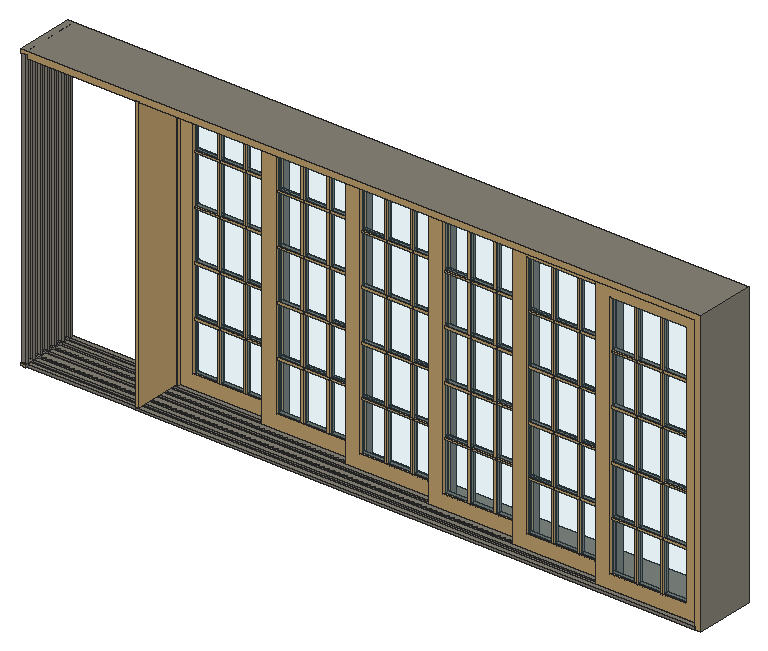
Revit family
Parameters (values of type "CMMSDP18080_PXXXXXX/XXXXXXP")
  W1 = if(Panels = 1, Nominal Width + 0' 0 59/64", if(Panels = 2, Nominal Width - 0' 4 3/4", if(Panels = 3, Nominal Width - 0' 10 27/64", if(Panels = 4, Nominal Width - 1' 4 3/32", if(Panels = 5, Nominal Width - 1' 9 49/64", Nominal Width - 2' 3 7/16")))))  # 15' - 8 9/16"
  V6a = if(Panels > 5, 0' 1 13/16", 0' 0")  # 0' - 1 13/16"
  V5a = if(Panels > 4, 0' 1 13/16", 0' 0")  # 0' - 1 13/16"
  V5 = if(Panels > 4, 0' 0 7/32", 0' 1")  # 0' - 0 7/32"
  V4a = if(Panels > 3, 0' 1 13/16", 0' 0")  # 0' - 1 13/16"
  V4 = if(Panels > 3, 0' 0 7/32", 0' 1")  # 0' - 0 7/32"
  V3a = if(Panels > 2, 0' 1 13/16", 0' 0")  # 0' - 1 13/16"
  V3 = if(Panels > 2, 0' 0 7/32", 0' 1")  # 0' - 0 7/32"
  V2a = if(Panels > 1, 0' 1 13/16", 0' 0")  # 0' - 1 13/16"
  V2 = if(Panels > 1, 0' 0 7/32", 0' 1")  # 0' - 0 7/32"
  URL = "www.marvin.com"
  Sill Material = Polyurethane-Marvin-Bronze
  Sill Liner = if(Performance Sill Constraint, 0' 1 1/16", 0' 0")  # 0' - 0"
  Rough Width Exterior = W1 + 0' 1 1/2"  # 15' - 10 1/16"
  Prairie Corner Width = 0' - 4"
  Prairie Corner Height = 0' - 4"
  Note to User = "XP/PX Flush Sill only"  # constant formula
  Performance Sill = no
  Performance Sill Constraint = and(P, Performance Sill)  # no
  P = Panels > 1  # yes
  Operator Arrow Visibility = yes
  Muntins Interior Material = Wood-Marvin-Pine
  Muntins Exterior Material = Aluminum-Marvin-Bronze
  Lite Cut Prairie 9 = no
  Lite Cut HV Grid = not(Lite Cut Prairie 9)  # yes
  Interior Material = Wood-Marvin-Pine
  Int Rough Offset = if(Panels = 1, 0' 4 9/32", 0' 0 1/32")  # 0' - 0 1/32"
  Function = 1
  Frame = "Aluminum Clad"
  Flush Sill = not(Performance Sill Constraint)  # yes
  Panel Start Center = Panel Width / 2  # 1' - 5 17/32"
  Panel Center = Panel Width - Panel Stile  # 2' - 6 21/64"
  Panel Stile = 0' - 4 47/64"  # constant formula
  Thickness = 0' - 2 1/4"  # constant formula
  Rough Width = Width + 0' 1"  # 19' - 0 21/32"
  Rough Height = Height + 0' 0 1/2"  # 7' - 11 7/32"
  Panels = if(Number of Panels > 6, 6, Number of Panels)  # 6
  Panel Width = (W1 - 0' 1 55/64" + (Panel Stile * (Panels - 1))) / Panels  # 2' - 11 1/16"
  Panel Height = Height - 0' 2 7/32"  # 7' - 8 1/2"
  Panel 6 Visibility = Number of Panels > 5  # yes
  Panel 5 Visibility = Number of Panels > 4  # yes
  Panel 4 Visibility = Number of Panels > 3  # yes
  Panel 3 Visibility = Number of Panels > 2  # yes
  Number of Panels = 6
  Nominal Width = 18' - 0"
  Nominal Height = 8' - 0"
  Muntins Interior Visibility = yes
  Muntins Exterior Visibility = yes
  Model = "CMMSDP18080_PXXXXXX/XXXXXXP"
  Manufacturer = "Marvin Windows and Doors"
  Lites Wide = 3
  Lites High = 5
  Label Visibility = no
  Pocket Depth = Jamb Depth + 0' 0 3/8"  # 1' - 8 21/64"
  Jamb Depth = if(Panels = 1, 0' 4 55/64", if(Panels = 2, 0' 7 7/8", if(Panels = 3, 0' 10 57/64", if(Panels = 4, 1' 1 59/64", if(Panels = 5, 1' 4 15/16", 1' 7 61/64")))))  # 1' - 7 61/64"
  Inset to Pocket Face [instance] = 0' - 2"
  Height = if(Nominal Height = 7' 0", Nominal Height + 0' 1 7/32", Nominal Height - 0' 1 9/32")  # 7' - 10 23/32"
  Wall Closure = (empty or 0)
  Width = if(Panel Width < 3' 0", W1 + 3' 3 3/32", if(Panel Width < 4' 0", W1 + 4' 3 3/32", if(Panel Width < 5' 0", W1 + 5' 3 3/32", W1 + 6' 3 3/32")))  # 18' - 11 21/32"
  Glazing Material = Glass-Marvin-IG Low E II with Argon
  Glass Type = "IG Low E II with Argon"
  Family created by = "www.rbuiltcomponents.com"
  Door Type = "Clad Ultimate Multi-Slide Pocket Door"
  Design Pressure = if(DP_1, "Not Rated", "DP40")  # "Not Rated"
  Description = "18080 MS DOOR"
  Daylight Area = DLO Width Panel * DLO Height Panel * Panels  # 88.545 SF
  Panel 2 Visibility = Number of Panels > 1  # yes
  DP_1 = or(or(Panel Height > 10' 0", Panel Width > 4' 0"), or(Panels = 1, Flush Sill))  # yes
  DLO Width Panel = Panel Width - (Panel Stile * 2)  # 2' - 1 19/32"
  DLO Height Panel = Panel Height - (Panel Stile * 2)  # 6' - 11 1/32"
  Cladding Material = Aluminum-Marvin-Bronze
  Assembly Code = ""
Reference planes (in)
  plane 1 "Center (Front/Back)": y = 0
  plane 2 "Center (Left/Right)": x = 0
  plane 3 "L": x = -94.28125
  plane 4 "Right": x = 94.28125
  plane 5 "Top": z = 94.71875
  plane 6 "Exterior": y = 12
  plane 7 "Interior": y = -12
  plane 8 "Inset": y = 8.90625
  plane 9: x = -93.35938
  plane 10: x = 93.35937
  plane 11: z = 93.71875
  plane 12 "Jamb Ext Face": y = -9.95313
  plane 13 "P1": y = 8.53125
  plane 14: y = 5.51172
  plane 15: y = 2.49219
  plane 16: y = -0.52734
  plane 17: x = -45.5
  plane 18: x = -15.17187
  plane 19: x = 15.15625
  plane 20: x = -75.82812
  plane 21: x = 75.82813
  plane 22: x = 45.48438
  plane 23: y = -6.56641
  plane 24: y = -3.54688
  plane 25 "Left": x = -133.375
  plane 26 "Pocket Ext": y = 10
  plane 27: x = -94.78125
  plane 28 "Ext Rough Left": x = -95.28125
  plane 29: y = -10.32813
  plane 30: x = -132.45313
  plane 31 "Ext Rough Right": x = 94.78125
  plane 32 "Int Rough Left": x = -94.3125
  plane 33 "Rough Left": x = -133.875
Forms (in)
  Extrusion 1, void
    sketch origin (0, 0, 0) x (1, 0, 0) y (0, 1, 0)
      loop
        line (-93.8125, 10) -> (-93.8125, -12) -> (94.28125, -12) -> (94.28125, 10) -> (-93.8125, 10)
    from 0 to 94.71875
  Sweep 2, solid, material "Polyurethane-Marvin-Bronze" <- "Sill Material"
    path origin (0, 8.90625, 0) x (1, 0, 0) y (0, 0, 1)
      loop
        line (93.4375, 0) -> (-132.53125, 0)
    profile origin (-19.54688, 8.90625, 0) x (0, 0, -1) y (0, -1, 0)
      loop
        line (0, -1.03125) -> (0, 18.39063) -> (-0.75, 18.39063) -> (-0.75, 17.12891) -> (-0.25, 17.12891) -> (-0.25, 15.69141) -> (-0.75, 15.69141) -> (-0.75, -1.03125) -> (0, -1.03125)
  Sweep 3, solid, material "Polyurethane-Marvin-Bronze" <- "Sill Material"
    path origin (0, 8.90625, 0) x (1, 0, 0) y (0, 0, 1)
      loop
        line (92.31025, 0) -> (-94.78125, 0)
    profile origin (-1.2355, 8.90625, 0) x (0, 0, -1) y (0, -1, 0)
      loop
        line (-0.75, 18.39063) -> (0, 18.39063) -> (0, 18.85938) -> (-0.75, 18.85938) -> (-0.75, 18.39063)
  Sweep 4, solid, material "Aluminum-Marvin-Bronze" <- "Cladding Material"
    path origin (0, 8.90625, 0) x (1, 0, 0) y (0, 0, 1)
      loop
        line (-133.375, 0) -> (-133.375, 94.71875) -> (94.28125, 94.71875) -> (94.28125, 0)
    profile origin (-19.54688, 8.90625, 94.71875) x (0, 0, 1) y (0, -1, 0)
      loop
        line (0, 18.85938) -> (-1.971, 18.85938) -> (-1.971, 18.07813) -> (-1.8125, 18.07813) -> (-1.8125, -0.40625) -> (-0.84375, -0.40625) -> (-0.84375, -1.0935) -> (0, -1.0935) -> (0, 18.85938)
  Sweep 5, void
    path origin (0, 8.90625, 0) x (1, 0, 0) y (0, 0, 1)
      loop
        line (94.28125, 92.90625) -> (94.28125, 1.21875)
    profile origin (94.28125, 8.90625, 47.0625) x (0, -1, 0) y (1, 0, 0)
      loop
        line (17.82813, -0.8125) -> (15.32813, -0.8125) -> (15.32813, -1.5) -> (15.07813, -1.5) -> (15.07813, -1.971) -> (18.07813, -1.971) -> (18.07813, -1.5) -> (17.82813, -1.5) -> (17.82813, -0.8125)
  Sweep 6, void
    path origin (0, 8.90625, 0) x (1, 0, 0) y (0, 0, 1)
      loop
        line (-131.5625, 94.71875) -> (-58.29688, 94.71875)
    profile origin (-94.92969, 8.90625, 94.71875) x (0, 0, 1) y (0, -1, 0)
      loop
        line (-0.25, 2.76172) -> (-1.5, 2.76172) -> (-1.5, 3.01172) -> (-1.8125, 3.01172) -> (-1.8125, 0) -> (-1.5, 0) -> (-1.5, 0.25) -> (-0.25, 0.25) -> (-0.25, 2.76172)
  Sweep 7, void
    path origin (0, 8.90625, 0) x (1, 0, 0) y (0, 0, 1)
      loop
        line (-131.5625, 94.71875) -> (-27.96875, 94.71875)
    profile origin (-79.76563, 8.90625, 94.71875) x (0, 0, 1) y (0, -1, 0)
      loop
        line (-0.25, 3.26172) -> (-0.25, 5.77344) -> (-1.5, 5.77344) -> (-1.5, 6.02344) -> (-1.8125, 6.02344) -> (-1.8125, 3.01172) -> (-1.5, 3.01172) -> (-1.5, 3.26172) -> (-0.25, 3.26172)
  Sweep 8, void
    path origin (0, 8.90625, 0) x (1, 0, 0) y (0, 0, 1)
      loop
        line (-131.5625, 94.71875) -> (2.35937, 94.71875)
    profile origin (-64.60156, 8.90625, 94.71875) x (0, 0, 1) y (0, -1, 0)
      loop
        line (-0.25, 8.78125) -> (-1.5, 8.78125) -> (-1.5, 9.03125) -> (-1.8125, 9.03125) -> (-1.8125, 5.89453) -> (-1.5, 5.89453) -> (-1.5, 6.26953) -> (-0.25, 6.26953) -> (-0.25, 8.78125)
  Sweep 9, void
    path origin (0, 8.90625, 0) x (1, 0, 0) y (0, 0, 1)
      loop
        line (-131.5625, 94.71875) -> (32.6875, 94.71875)
    profile origin (-49.4375, 8.90625, 94.71875) x (0, 0, 1) y (0, -1, 0)
      loop
        line (-0.25, 9.28906) -> (-0.25, 11.80078) -> (-1.5, 11.80078) -> (-1.5, 12.05078) -> (-1.8125, 12.05078) -> (-1.8125, 8.91406) -> (-1.5, 8.91406) -> (-1.5, 9.28906) -> (-0.25, 9.28906)
  Sweep 10, void
    path origin (0, 8.90625, 0) x (1, 0, 0) y (0, 0, 1)
      loop
        line (-131.5625, 94.71875) -> (63.01562, 94.71875)
    profile origin (-34.27344, 8.90625, 94.71875) x (0, 0, 1) y (0, -1, 0)
      loop
        line (-0.25, 14.82031) -> (-1.5, 14.82031) -> (-1.5, 15.07031) -> (-1.8125, 15.07031) -> (-1.8125, 11.93359) -> (-1.5, 11.93359) -> (-1.5, 12.30859) -> (-0.25, 12.30859) -> (-0.25, 14.82031)
  Sweep 11, void
    path origin (0, 8.90625, 0) x (1, 0, 0) y (0, 0, 1)
      loop
        line (-131.5625, 94.71875) -> (93.35937, 94.71875)
    profile origin (-19.10156, 8.90625, 94.71875) x (0, 0, 1) y (0, -1, 0)
      loop
        line (-0.25, 15.32813) -> (-0.25, 17.83984) -> (-1.5, 17.83984) -> (-1.5, 18.08984) -> (-1.8125, 18.08984) -> (-1.8125, 14.95313) -> (-1.5, 14.95313) -> (-1.5, 15.32813) -> (-0.25, 15.32813)
  Extrusion 12, void
    sketch origin (0, 0, 0) x (1, 0, 0) y (0, 1, 0)
      loop
        line (-132.45313, 5.29297) -> (-132.45313, 3.82617) -> (-27.96875, 3.82617) -> (-27.96875, 5.29297) -> (-132.45313, 5.29297)
      loop
        line (-132.45313, 0.81445) -> (2.35938, 0.81445) -> (2.35938, 2.27344) -> (-132.45313, 2.27344) -> (-132.45313, 0.81445)
      loop
        line (-132.45313, -2.18359) -> (32.6875, -2.18359) -> (32.6875, -0.74609) -> (-132.45313, -0.74609) -> (-132.45313, -2.18359)
      loop
        line (-132.45313, -5.20313) -> (63.01563, -5.20313) -> (63.01563, -3.76563) -> (-132.45313, -3.76563) -> (-132.45313, -5.20313)
      loop
        line (-132.45313, 6.83789) -> (-58.29687, 6.83789) -> (-58.29687, 8.25391) -> (-132.45313, 8.25391) -> (-132.45313, 6.83789)
    from 0.25 to 0.75
  Sweep 13, solid, material "Aluminum-Marvin-Bronze" <- "Cladding Material"
    path origin (0, 8.53125, 0) x (1, 0, 0) y (0, 0, 1)
      loop
        line (-94.78125, 94.71875) -> (-94.78125, 0)
    profile origin (-94.78125, 8.53125, 47.35938) x (0, -1, 0) y (1, 0, 0)
      loop
        line (-1.4685, 1.31425) -> (-1.4685, 0.0625) -> (-3.2185, 0.0625) -> (-3.2185, 0) -> (-1.4685, 0) -> (-1.4685, -1.4675) -> (-1.406, -1.4675) -> (-1.406, 0.42092) -> (-0.69862, 0.42092) -> (-0.60434, 0.3549) -> (-0.60434, -0.24561) -> (-0.52621, -0.30031) -> (-0.125, -0.30031) -> (-0.125, 1.908) -> (-0.375, 1.908) -> (-0.375, 2.283) -> (-0.8125, 2.283) -> (-0.8125, 1.31425) -> (-1.4685, 1.31425)
  Extrusion 14, void
    sketch origin (0, 0, 0) x (1, 0, 0) y (0, 1, 0)
      loop
        line (-133.375, 10) -> (-133.375, -10.32812) -> (-93.35938, -10.32812) -> (-93.35938, 10) -> (-133.375, 10)
    from 0 to 94.71875
  Sweep 15, void
    path origin (0, 8.90625, 0) x (1, 0, 0) y (0, 0, 1)
      loop
        line (-133.375, 93.71875) -> (-133.375, 0.75)
    profile origin (-133.375, 8.90625, 47.23438) x (0, -1, 0) y (1, 0, 0)
      loop
        line (0.24975, 1.5) -> (0.24975, 0.25) -> (2.74194, 0.25) -> (2.74194, 1.5) -> (3.281, 1.5) -> (3.281, 0.25) -> (5.75366, 0.25) -> (5.75366, 1.5) -> (6.29272, 1.5) -> (6.29272, 0.25) -> (8.76538, 0.25) -> (8.76538, 1.5) -> (9.30444, 1.5) -> (9.30444, 0.25) -> (11.77709, 0.25) -> (11.77709, 1.5) -> (12.31616, 1.5) -> (12.31616, 0.25) -> (14.78881, 0.25) -> (14.78881, 1.5) -> (15.32788, 1.5) -> (15.32788, 1.8125) -> (-0.00025, 1.8125) -> (-0.00025, 1.5) -> (0.24975, 1.5)
  Sweep 16, void
    path origin (0, 8.90625, 0) x (1, 0, 0) y (0, 0, 1)
      loop
        line (-133.375, 93.71875) -> (-133.375, 0.75)
    profile origin (-133.375, 8.90625, 47.23438) x (0, -1, 0) y (1, 0, 0)
      loop
        line (15.32788, 1.5) -> (15.32788, 0.25) -> (17.80053, 0.25) -> (17.80053, 1.5) -> (18.33959, 1.5) -> (18.33959, -0.25) -> (19.23438, -0.25) -> (19.23438, 2.371) -> (14.78881, 2.371) -> (14.78881, 1.5) -> (15.32788, 1.5)
  Sweep 17, solid, material "Wood-Marvin-Pine" <- "Interior Material"
    path origin (0, 8.53125, 0) x (1, 0, 0) y (0, 0, 1)
      loop
        line (-94.78125, 93.21875) -> (-94.78125, 1.21875)
    profile origin (-94.78125, 8.53125, 47.21875) x (0, -1, 0) y (1, 0, 0)
      loop
        line (-0.52621, -2.40625) -> (3.25, -2.40625) -> (3.25, 0.10925) -> (18.48438, 0.10925) -> (18.48438, 1.203) -> (3.25, 1.203) -> (3.25, 1.30256) -> (2.84881, 1.70375) -> (2.21875, 1.70375) -> (2.21875, 1.42187) -> (-0.125, 1.42187) -> (-0.125, -0.30031) -> (-0.52621, -0.30031) -> (-0.52621, -2.40625)
  Extrusion 18, void
    sketch origin (0, -9.95313, 0) x (1, 0, 0) y (0, 0, 1)
      loop
        line (-94.672, 93.21875) -> (-94.672, 92.74775) -> (-93.57825, 92.74775) -> (-93.57825, 93.21875) -> (-94.672, 93.21875)
      loop
        line (-94.672, 0.75) -> (-94.672, 0) -> (-93.57825, 0) -> (-93.57825, 0.75) -> (-94.672, 0.75)
    from 0 to -0.78125
  Extrusion 19, void
    sketch origin (0, 0, 0) x (1, 0, 0) y (0, 1, 0)
      loop
        line (-94.78125, 12) -> (-94.78125, 10) -> (94.28125, 10) -> (94.28125, 12) -> (-94.78125, 12)
    from 0 to 94.71875
Cuts and joins
  Sweep 5, Sweep 6, Sweep 7, Sweep 8, Sweep 9, Sweep 10, Sweep 11, Sweep 15, Sweep 16, Extrusion 19 cuts Sweep 4
  Extrusion 18, Extrusion 19 cuts Sweep 13
  joined: Sweep 4, Sweep 13
  Extrusion 18, Extrusion 19 cuts Sweep 17
  Sweep 5, Sweep 7, Sweep 8, Sweep 9, Sweep 10, Sweep 11, Extrusion 12, Sweep 15, Sweep 16, Extrusion 19 cuts Sweep 2
  Extrusion 12, Sweep 15, Sweep 16, Extrusion 19 cuts Sweep 3
  joined: Sweep 2, Sweep 3
Lines and regions (in)
  Masking region 1
    outline origin (0, 0, 0) x (0, 1, 0) y (0, 0, 1)
      loop
        line (9.99975, 94.71875) -> (-9.95312, 94.71875) -> (-9.95312, 0) -> (9.99975, 0) -> (9.99975, 94.71875)
  symbolic lines, style "DoorsPanelProjection", detail levels coarse+medium
    curve 1: line (0, 8.53125, 93.71875) -> (0, 6.3125, 93.71875)
    curve 2: line (0, 8.53125, 88.98437) -> (0, 8.53125, 93.71875)
    curve 3: line (0, 6.3125, 88.98437) -> (0, 8.53125, 88.98437)
    curve 4: line (0, 6.3125, 93.71875) -> (0, 6.3125, 88.98437)
    curve 5: line (0, 6.3125, 1.21875) -> (0, 8.53125, 1.21875)
    curve 6: line (0, 6.3125, 5.95312) -> (0, 6.3125, 1.21875)
    curve 7: line (0, 8.53125, 5.95312) -> (0, 6.3125, 5.95312)
    curve 8: line (0, 8.53125, 1.21875) -> (0, 8.53125, 5.95312)
    curve 9: line (0, 8.53125, 5.95312) -> (0, 8.53125, 88.98437)
    curve 15: line (0, 6.3125, 88.98437) -> (0, 6.3125, 5.95312)
  symbolic lines, style "DoorsGlassProjection", detail levels coarse+medium
    curve 10: line (0, 7.42187, 5.95312) -> (0, 7.42187, 88.98437)
  symbolic lines, style "DoorsFrameMullionProjection", detail levels coarse+medium
    curve 11: line (0, 9.99975, 94.71875) -> (0, -9.95312, 94.71875)
    curve 12: line (0, 9.99975, 92.90625) -> (0, 9.99975, 94.71875)
    curve 13: line (0, -9.95312, 92.74775) -> (0, -8.92188, 92.74775)
    curve 14: line (0, -9.95312, 94.71875) -> (0, -9.95312, 92.74775)
    curve 16: line (0, -8.92188, 93.71875) -> (0, 8.65625, 93.71875)
    curve 17: line (0, 8.65625, 92.90625) -> (0, 8.65625, 93.71875)
    curve 18: line (0, -8.92188, 92.74775) -> (0, -8.92188, 93.71875)
    curve 19: line (0, 8.65625, 92.90625) -> (0, 9.99975, 92.90625)
    curve 20: line (0, 10, 0) -> (0, -9.95312, 0)
    curve 21: line (0, 10, 0.75) -> (0, 10, 0)
    curve 22: line (0, -9.95312, 0.75) -> (0, 10, 0.75)
    curve 23: line (0, -9.95312, 0) -> (0, -9.95312, 0.75)
Text (in)
  text "Exterior" at (-74.96733, 27.31104, 0), in view "Ref. Level"
  text "Interior" at (-74.96733, -25.14366, 0), in view "Ref. Level"
  text "Exterior" at (0, 40.15149, 123.01588), in view "Right"
  text "Interior" at (0, -64.39139, 123.01588), in view "Right"
  text "Interior" at (0, -31.01599, 123.00693), in view "Left"
  text "Exterior" at (0, 54.57065, 123.00693), in view "Left"
Dimensions and locks (in)
  equal spacing: plane 3 "L", plane 2 "Center (Left/Right)", plane 4 "Right"
  "Height": level to plane 5 "Top"
  "W1": plane 3 "L" to plane 4 "Right"
  locked: plane 10 to plane 4 "Right" at 0.92188
  locked: plane 3 "L" to plane 9 at 0.92188
  locked: plane 11 to plane 5 "Top" at 1
  locked: nested 1 to host wall at 12
  "Panel Start Center": plane 20 to plane 9
  "Panel Center": plane 17 to plane 20
  "Panel Center": plane 18 to plane 17
  "Panel Center": plane 19 to plane 18
  "Panel Center": plane 19 to plane 22
  "Panel Start Center": plane 21 to plane 10
  equal spacing: nested 6, curve 10, nested 6
  locked: Sweep 4 sketch curve to plane 12 "Jamb Ext Face" at 0.78125
  locked: plane 10 to Sweep 2 sketch curve at 0.07812
  Sweep 2 sketch curve to plane 9 = 3' - 3 11/64"
  plane 12 "Jamb Ext Face" to Sweep 5 sketch curve to Sweep 5 sketch curve to Sweep 5 sketch curve to Sweep 5 sketch curve = 0' - 0 25/32" locked, 0' - 0 1/4" locked, 0' - 2 1/2" locked, 0' - 0 1/4" locked
  Sweep 11 sketch curve to Sweep 11 sketch curve to Sweep 11 sketch curve = 0' - 0 5/16" locked, 0' - 1 1/4" locked
  "V6a": Sweep 11 sketch curve to plane 5 "Top"
  Sweep 10 sketch curve to Sweep 10 sketch curve to Sweep 10 sketch curve = 0' - 1 1/4" locked, 0' - 0 5/16" locked
  "V5a": Sweep 10 sketch curve to plane 5 "Top"
  Sweep 9 sketch curve to Sweep 9 sketch curve to Sweep 9 sketch curve = 0' - 0 5/16" locked, 0' - 1 1/4" locked
  "V4a": Sweep 9 sketch curve to plane 5 "Top"
  Sweep 8 sketch curve to Sweep 8 sketch curve to Sweep 8 sketch curve = 0' - 1 1/4" locked, 0' - 0 5/16" locked
  "V3a": Sweep 8 sketch curve to plane 5 "Top"
  Sweep 6 sketch curve to Sweep 6 sketch curve to plane 13 "P1" to Sweep 6 sketch curve to Sweep 6 sketch curve = 0' - 0 1/4" locked, 0' - 0 1/8" locked, 0' - 2 99/256" locked, 0' - 0 1/4" locked
  Sweep 7 sketch curve to Sweep 7 sketch curve to plane 14 to Sweep 7 sketch curve to Sweep 7 sketch curve = 0' - 0 1/4" locked, 0' - 0 17/128" locked, 0' - 2 97/256" locked, 0' - 0 1/4" locked
  Sweep 8 sketch curve to Sweep 8 sketch curve to plane 15 to Sweep 8 sketch curve to Sweep 8 sketch curve = 0' - 0 3/8" locked, 0' - 0 37/256" locked, 0' - 2 47/128" locked, 0' - 0 1/4" locked
  Sweep 9 sketch curve to Sweep 9 sketch curve to plane 16 to Sweep 9 sketch curve to Sweep 9 sketch curve = 0' - 0 3/8" locked, 0' - 0 37/256" locked, 0' - 2 47/128" locked, 0' - 0 1/4" locked
  Sweep 10 sketch curve to Sweep 10 sketch curve to plane 24 to Sweep 10 sketch curve to Sweep 10 sketch curve = 0' - 0 3/8" locked, 0' - 0 37/256" locked, 0' - 2 47/128" locked, 0' - 0 1/4" locked
  Sweep 11 sketch curve to Sweep 11 sketch curve to plane 23 to Sweep 11 sketch curve to Sweep 11 sketch curve = 0' - 0 3/8" locked, 0' - 0 37/256" locked, 0' - 2 47/128" locked, 0' - 0 1/4" locked
  locked: Sweep 2 sketch curve to plane 12 "Jamb Ext Face" at 0.46875
  "V5": plane 24 to Extrusion 12 sketch curve
  "V4": Extrusion 12 sketch curve to plane 16
  "V3": Extrusion 12 sketch curve to plane 15
  Sweep 2 sketch curve to Sweep 2 sketch curve to plane 12 "Jamb Ext Face" = 0' - 1 7/16" locked, 0' - 1 187/256" locked
  locked: Extrusion 12 to level at 0.25
  "Panel Start Center": plane 17 to Extrusion 12 sketch curve
  "Panel Start Center": plane 18 to Extrusion 12 sketch curve
  "Panel Start Center": plane 19 to Extrusion 12 sketch curve
  "Panel Start Center": plane 22 to Extrusion 12 sketch curve
  locked: Extrusion 12 sketch curve to plane 14 at 1.68555
  locked: Extrusion 12 sketch curve to plane 15 at 1.67773
  locked: Extrusion 12 sketch curve to plane 16 at 1.65625
  locked: plane 24 to Extrusion 12 sketch curve at 1.65625
  "Panel Start Center": plane 20 to Extrusion 12 sketch curve
  "Inset to Pocket Face": host wall to plane 26 "Pocket Ext"
  "Jamb Depth": plane 12 "Jamb Ext Face" to plane 26 "Pocket Ext"
  locked: plane 13 "P1" to plane 8 "Inset" at 0.375
  plane 23 to plane 24 to plane 16 to plane 15 to plane 14 to plane 13 "P1" = 0' - 3 5/256" locked, 0' - 3 5/256" locked, 0' - 3 5/256" locked, 0' - 3 5/256" locked, 0' - 3 5/256" locked
  locked: plane 8 "Inset" to plane 26 "Pocket Ext" at 1.09375
  plane 28 "Ext Rough Left" to plane 27 to plane 3 "L" = 0' - 0 1/2" locked, 0' - 0 1/2" locked
  "Width": plane 25 "Left" to plane 4 "Right"
  locked: plane 29 to plane 12 "Jamb Ext Face" at 0.375
  locked: plane 25 "Left" to plane 30 at 0.92187
  plane 12 "Jamb Ext Face" to Sweep 16 sketch curve to Sweep 16 sketch curve to Sweep 16 sketch curve to Sweep 16 sketch curve = 0' - 0.51978" locked, 0' - 0 69/128" locked, 0' - 2 121/256" locked, 0' - 0 69/128" locked
  "Sill Liner": Sweep 3 sketch curve to nested 6
  locked: Extrusion 12 sketch curve to plane 13 "P1" at 1.69336
  "V2": Extrusion 12 sketch curve to plane 14
  Sweep 7 sketch curve to Sweep 7 sketch curve to Sweep 7 sketch curve = 0' - 0 5/16" locked, 0' - 1 1/4" locked
  "V2a": Sweep 7 sketch curve to plane 5 "Top"
  "Int Rough Offset": plane 32 "Int Rough Left" to plane 3 "L"
  locked: plane 32 "Int Rough Left" to Extrusion 1 sketch curve at 0.5
  locked: Sweep 3 sketch curve to plane 32 "Int Rough Left" at 0.46875
  locked: plane 4 "Right" to plane 31 "Ext Rough Right" at 0.5
  locked: plane 33 "Rough Left" to plane 25 "Left" at 0.5
  aligned and locked: plane 6 "Exterior" to host wall
  aligned and locked: host wall to plane 7 "Interior"
  aligned and locked: plane 2 "Center (Left/Right)" to nested 1
  aligned and locked: plane 4 "Right" to Extrusion 1 sketch curve
  aligned and locked: Extrusion 1 to plane 5 "Top"
  aligned and locked: Extrusion 1 to level
  aligned and locked: Extrusion 1 sketch curve to host wall
  aligned and locked: nested 2 to plane 9
  aligned and locked: plane 13 "P1" to nested 2
  aligned and locked: plane 14 to nested 3
  aligned and locked: plane 15 to nested 4
  aligned and locked: plane 16 to nested 5
  aligned and locked: plane 17 to nested 3
  aligned and locked: plane 18 to nested 4
  aligned and locked: plane 19 to nested 5
  aligned and locked: plane 5 "Top" to Masking region 1 sketch curve
  aligned and locked: level to Masking region 1 sketch curve
  aligned and locked: level to nested 6
  aligned and locked: nested 6 to plane 8 "Inset"
  aligned and locked: curve 1 to nested 6
  aligned and locked: curve 4 to nested 6
  aligned and locked: nested 6 to curve 5
  aligned and locked: curve 5 to nested 6
  aligned and locked: curve 11 to nested 6  (x2)
  aligned and locked: nested 6 to curve 14
  aligned and locked: curve 14 to plane 12 "Jamb Ext Face"
  aligned and locked: nested 6 to curve 9
  aligned and locked: Masking region 1 sketch curve to plane 12 "Jamb Ext Face"
  aligned and locked: Masking region 1 sketch curve to nested 6
  aligned and locked: nested 7 to plane 22
  aligned and locked: nested 8 to plane 21
  aligned and locked: curve 3 to nested 6
  aligned and locked: curve 7 to nested 6
  aligned and locked: nested 7 to plane 24
  aligned and locked: nested 8 to plane 23
  aligned and locked: nested 8 to plane 11
  aligned and locked: nested 7 to plane 11
  aligned and locked: nested 5 to plane 11
  aligned and locked: nested 4 to plane 11
  aligned and locked: nested 3 to plane 11
  aligned and locked: nested 2 to plane 11
  aligned and locked: level to Sweep 2 sketch curve
  aligned and locked: Sweep 3 sketch curve to level
  aligned and locked: Sweep 3 sketch curve to plane 12 "Jamb Ext Face"
  aligned and locked: plane 5 "Top" to Sweep 4 sketch curve
  aligned and locked: plane 4 "Right" to Sweep 4 sketch curve
  aligned and locked: level to Sweep 4 sketch curve  (x2)
  aligned and locked: profile plane to Sweep 4 sketch curve
  aligned and locked: Sweep 4 sketch curve to nested 6  (x4)
  aligned and locked: plane 12 "Jamb Ext Face" to Sweep 4 sketch curve
  aligned and locked: Sweep 5 sketch curve to plane 4 "Right"
  aligned and locked: Sweep 5 sketch curve to Sweep 5 sketch curve
  aligned and locked: Sweep 6 sketch curve to plane 5 "Top"
  aligned and locked: Sweep 6 sketch curve to nested 2
  aligned and locked: Sweep 7 sketch curve to nested 3
  aligned and locked: Sweep 8 sketch curve to nested 4
  aligned and locked: Sweep 8 sketch curve to plane 5 "Top"
  aligned and locked: Sweep 7 sketch curve to plane 5 "Top"
  aligned and locked: Sweep 9 sketch curve to plane 5 "Top"
  aligned and locked: Sweep 9 sketch curve to nested 5
  aligned and locked: Sweep 10 sketch curve to plane 5 "Top"
  aligned and locked: Sweep 10 sketch curve to nested 7
  aligned and locked: Sweep 11 sketch curve to plane 5 "Top"
  aligned and locked: plane 11 to curve 16
  aligned and locked: curve 17 to nested 6
  aligned and locked: curve 18 to nested 6
  aligned and locked: curve 19 to nested 6
  aligned and locked: curve 20 to nested 6
  aligned and locked: nested 6 to curve 23
  aligned and locked: plane 12 "Jamb Ext Face" to curve 23
  aligned and locked: Sweep 8 sketch curve to Sweep 8 sketch curve
  aligned and locked: Sweep 9 sketch curve to Sweep 9 sketch curve
  aligned and locked: Sweep 10 sketch curve to Sweep 10 sketch curve
  aligned and locked: Sweep 11 sketch curve to Sweep 11 sketch curve
  aligned and locked: level to Sweep 3 sketch curve
  aligned and locked: Sweep 5 sketch curve to nested 8
  aligned and locked: nested 9 to plane 2 "Center (Left/Right)"
  aligned and locked: Extrusion 12 to curve 21
  aligned and locked: nested 9 to plane 26 "Pocket Ext"
  aligned and locked: Sweep 4 sketch curve to plane 25 "Left"
  aligned and locked: plane 26 "Pocket Ext" to Extrusion 14 sketch curve
  aligned and locked: Extrusion 14 sketch curve to plane 25 "Left"
  aligned and locked: level to Extrusion 14
  aligned and locked: Extrusion 14 to level
  aligned and locked: Extrusion 14 to plane 5 "Top"
  aligned and locked: Extrusion 14 sketch curve to plane 29
  aligned and locked: Sweep 13 sketch curve to plane 27
  aligned and locked: Extrusion 12 sketch curve to plane 30  (x5)
  aligned and locked: plane 5 "Top" to Sweep 13 sketch curve
  aligned and locked: level to Sweep 13 sketch curve
  aligned and locked: plane 10 to Sweep 11 sketch curve
  aligned and locked: plane 25 "Left" to Sweep 15 sketch curve
  aligned and locked: plane 11 to Sweep 15 sketch curve
  aligned and locked: plane 25 "Left" to Sweep 16 sketch curve
  aligned and locked: plane 11 to Sweep 16 sketch curve
  aligned and locked: Sweep 16 sketch curve to plane 29
  aligned and locked: Sweep 17 sketch curve to plane 27
  aligned and locked: Sweep 17 to Extrusion 18 sketch curve  (x3)
  aligned and locked: cut or joined group of Sweep 4, Sweep 5, Sweep 6, Sweep 7, Sweep 8, Sweep 9, Sweep 10, Sweep 11, Sweep 13, Sweep 15, Sweep 16, Extrusion 18, Extrusion 19 to Extrusion 18 sketch curve
  aligned and locked: Extrusion 18 sketch curve to Sweep 17  (x2)
  aligned and locked: Extrusion 18 to plane 12 "Jamb Ext Face"
  aligned and locked: level to Extrusion 18 sketch curve
  aligned and locked: Sweep 4 to Extrusion 18
  aligned and locked: Extrusion 18 sketch curve to cut or joined group of Sweep 2, Sweep 3, Sweep 5, Sweep 7, Sweep 8, Sweep 9, Sweep 10, Sweep 11, Extrusion 12, Sweep 15, Sweep 16, Extrusion 19
  aligned and locked: curve 21 to plane 26 "Pocket Ext"
  aligned and locked: Sweep 17 sketch curve to plane 12 "Jamb Ext Face"
  aligned and locked: Sweep 7 sketch curve to Sweep 7 sketch curve
  aligned and locked: Sweep 17 sketch curve to nested 2
  aligned and locked: plane 6 "Exterior" to Extrusion 19 sketch curve
  aligned and locked: Extrusion 19 sketch curve to plane 26 "Pocket Ext"
  aligned and locked: Extrusion 19 sketch curve to plane 27
  aligned and locked: plane 4 "Right" to Extrusion 19 sketch curve
  aligned and locked: plane 26 "Pocket Ext" to Extrusion 1 sketch curve
  aligned and locked: plane 9 to Extrusion 14 sketch curve
  aligned and locked: Extrusion 19 to level
  aligned and locked: Extrusion 19 to plane 5 "Top"
Automatic sketch dimensions
  plane 30 to Sweep 2 sketch curve = 0' - 0 5/64"
  Sweep 2 sketch curve to profile plane = 0' - 0"
  profile plane to Sweep 2 sketch curve = 0' - 0 1/4"
  Sweep 2 sketch curve to Sweep 2 sketch curve = 0' - 0 3/4"
  Sweep 2 sketch curve to Sweep 2 sketch curve = 0' - 0 1/2"
  Sweep 2 sketch curve to plane 8 "Inset" = 0' - 1 1/32"
  plane 10 to Sweep 3 sketch curve = 0' - 1.04912"
  Sweep 3 sketch curve to Sweep 3 sketch curve = 0' - 0 15/32"
  Sweep 4 sketch curve to Sweep 4 sketch curve = 0' - 0.1585"
  plane 11 to Sweep 5 sketch curve = 0' - 0 13/16"
  profile plane to Sweep 5 sketch curve = 0' - 1.971"
  Sweep 5 sketch curve to Sweep 5 sketch curve = 0' - 0.471"
  Sweep 5 sketch curve to Sweep 5 sketch curve = 0' - 0 11/16"
  Sweep 6 sketch curve to plane 30 = 0' - 0 57/64"
  profile plane to Sweep 6 sketch curve = 0' - 1 13/16"
  Sweep 6 sketch curve to Sweep 6 sketch curve = 0' - 0 5/16"  (x2)
  profile plane to Sweep 6 sketch curve = 0' - 0 1/4"
  Sweep 7 sketch curve to plane 30 = 0' - 0 57/64"
  Sweep 8 sketch curve to plane 30 = 0' - 0 57/64"
  Sweep 9 sketch curve to plane 30 = 0' - 0 57/64"
  Sweep 10 sketch curve to plane 30 = 0' - 0 57/64"
  Sweep 11 sketch curve to plane 30 = 0' - 0 57/64"
  plane 13 "P1" to Extrusion 12 sketch curve = 0' - 0 71/256"
  Sweep 13 sketch curve to profile plane = 0' - 0"
  Sweep 13 sketch curve to profile plane = 0' - 0 1/16"
  Sweep 13 sketch curve to plane 13 "P1" = 0' - 3.2185"
  Sweep 13 sketch curve to plane 13 "P1" = 0' - 1.4685"
  Sweep 13 sketch curve to Sweep 13 sketch curve = 0' - 0"
  Sweep 13 sketch curve to Sweep 13 sketch curve = 0' - 0 1/16"
  Sweep 13 sketch curve to Sweep 13 sketch curve = 0' - 0.656"
  Sweep 13 sketch curve to plane 13 "P1" = 0' - 0.69862"
  profile plane to Sweep 13 sketch curve = 0' - 0.24561"
  Sweep 13 sketch curve to plane 13 "P1" = 0' - 0.60434"
  Sweep 13 sketch curve to Sweep 13 sketch curve = 0' - 0 5/64"
  Sweep 13 sketch curve to plane 13 "P1" = 0' - 0 3/8"
  Sweep 13 sketch curve to plane 13 "P1" = 0' - 0 1/8"
  Sweep 13 sketch curve to Sweep 13 sketch curve = 0' - 0 7/128"
  Sweep 13 sketch curve to Sweep 13 sketch curve = 0' - 1.22189"
  Sweep 13 sketch curve to profile plane = 0' - 0.3549"
  Sweep 13 sketch curve to Sweep 13 sketch curve = 0' - 0.06602"
  Sweep 13 sketch curve to Sweep 13 sketch curve = 0' - 0.89333"
  Sweep 13 sketch curve to Sweep 13 sketch curve = 0' - 0 19/32"
  Sweep 13 sketch curve to Sweep 13 sketch curve = 0' - 0 3/8"
  level to Sweep 15 sketch curve = 0' - 0 3/4"
  Sweep 15 sketch curve to plane 8 "Inset" = 0' - 0.00025"
  plane 8 "Inset" to Sweep 15 sketch curve = 0' - 0.24975"
  Sweep 15 sketch curve to Sweep 15 sketch curve = 0' - 2 63/128"
  Sweep 15 sketch curve to Sweep 15 sketch curve = 0' - 0 69/128"  (x5)
  Sweep 15 sketch curve to Sweep 15 sketch curve = 0' - 2 121/256"  (x4)
  Sweep 15 sketch curve to profile plane = 0' - 0 1/4"  (x5)
  Sweep 15 sketch curve to Sweep 15 sketch curve = 0' - 1 1/4"  (x6)
  Sweep 15 sketch curve to Sweep 15 sketch curve = 0' - 0 5/16"
  level to Sweep 16 sketch curve = 0' - 0 3/4"
  profile plane to Sweep 16 sketch curve = 0' - 0 1/4"
  Sweep 16 sketch curve to profile plane = 0' - 0 1/4"
  Sweep 16 sketch curve to Sweep 16 sketch curve = 0' - 1 1/4"  (x2)
  Sweep 16 sketch curve to Sweep 16 sketch curve = 0' - 0.871"
  plane 11 to Sweep 17 sketch curve = 0' - 0 1/2"
  Sweep 17 sketch curve to profile plane = 0' - 1.30256"
  plane 13 "P1" to Sweep 17 sketch curve = 0' - 3 1/4"
  Sweep 17 sketch curve to profile plane = 0' - 0.10925"
  Sweep 17 sketch curve to Sweep 17 sketch curve = 0' - 0"
  Sweep 17 sketch curve to Sweep 17 sketch curve = 0' - 0.40119"
  Sweep 17 sketch curve to Sweep 17 sketch curve = 0' - 0.63006"
  Sweep 17 sketch curve to plane 13 "P1" = 0' - 0 1/8"
  Sweep 17 sketch curve to plane 13 "P1" = 0' - 0.52621"
  profile plane to Sweep 17 sketch curve = 0' - 0.30031"
  Sweep 17 sketch curve to Sweep 17 sketch curve = 0' - 2.10594"
  Sweep 17 sketch curve to Sweep 17 sketch curve = 0' - 0.09956"
  Sweep 17 sketch curve to profile plane = 0' - 1 27/64"
  Sweep 17 sketch curve to Sweep 17 sketch curve = 0' - 0.28187"
Nested families (in)
  nested 1: "Label Annotation 1-16 w5" at (0, 24, 0), visible <- "Label Visibility", type "Label Annotation 1-16 w5"
  nested 2: "Panel" at (-75.82813, 8.53125, 1.21875), Arrow Visibility <- "Operator Arrow Visibility", type "Panel"
    with Meeting Flange no, Arrow Visibility yes, Width 2' - 11 1/16", DLO Width 2' - 1 19/32"
  nested 3: "Panel" at (-45.5, 5.51172, 1.21875), Arrow Visibility <- "Operator Arrow Visibility", visible <- "Panel 2 Visibility", type "Panel"
    with Width 2' - 11 1/16", DLO Width 2' - 1 19/32"
  nested 4: "Panel" at (-15.17188, 2.49219, 1.21875), Arrow Visibility <- "Operator Arrow Visibility", visible <- "Panel 3 Visibility", type "Panel"
    with Width 2' - 11 1/16", DLO Width 2' - 1 19/32"
  nested 5: "Panel" at (15.15625, -0.52734, 1.21875), Arrow Visibility <- "Operator Arrow Visibility", visible <- "Panel 4 Visibility", type "Panel"
    with Width 2' - 11 1/16", DLO Width 2' - 1 19/32"
  nested 6: "Door_Section_Detail" at (0, 9.625, 0) x (0, -1, 0) z (1, 0, 0), type "Door_Section_Detail", detail levels fine
    with Performance Sill no, Flush Sill yes
  nested 7: "Panel" at (45.48437, -3.54687, 1.21875), Arrow Visibility <- "Operator Arrow Visibility", visible <- "Panel 5 Visibility", type "Panel"
    with Width 2' - 11 1/16", DLO Width 2' - 1 19/32"
  nested 8: "Panel" at (75.82812, -6.56641, 1.21875), Arrow Visibility <- "Operator Arrow Visibility", visible <- "Panel 6 Visibility", type "Panel"
    with Width 2' - 11 1/16", DLO Width 2' - 1 19/32"
  nested 9: "Door_Plan_Detail" at (0.5, 8.90625, 94.71875) x (1, 0, 0) z (0, 0, -1), type "Door_Plan_Detail"
    with Panel Width 2' - 11 1/16"
Definition of nested family "Panel"
  Parameters (values of type "Panel")
    Width = 2' - 11.06719"
    Thickness = 0' - 2 7/32"
    Prairie Corner Width = 0' - 4"
    Prairie Corner Height = 0' - 4"
    Muntins Interior Visibility = yes
    Muntins Interior Finish = Wood-Marvin-Pine
    Muntins Exterior Visibility = yes
    Muntins Exterior Finish = Aluminum-Marvin-Bronze
    Meeting Flange [instance] = yes
    Lites Wide = 3
    Lites High = 5
    Lite Cut Prairie 9 = no
    Lite Cut HV Grid = yes
    Interior Finish = Wood-Marvin-Pine
    Height = 7' - 8 1/2"
    Glazing Material = Glass-Marvin-IG Low E II with Argon
    DLO Width = 2' - 1.59844"
    DLO Height = 6' - 11 1/32"
    Cladding Finish = Aluminum-Marvin-Bronze
    Assembly Code = ""
    Arrow Visibility [instance] = yes
  Reference planes (in)
    plane 1 "Center (Front/Back)": y = 0
    plane 2: z = 0
    plane 3 "Center (Left/Right)": x = 0
    plane 4: x = -17.53359
    plane 5: x = 17.53359
    plane 6: z = 92.5
    plane 7: y = -2.21875
    plane 8: z = 87.76562
    plane 9: x = -12.79922
    plane 10: x = 12.79922
    plane 11 "Top Rail": z = 4.73437
  Forms (in)
    Sweep 1, solid, material "Aluminum-Marvin-Bronze" <- "Cladding Finish"
      path origin (0, 0, 0) x (1, 0, 0) y (0, 0, 1)
        loop
          line (-12.79922, 87.76563) -> (-12.79922, 4.73438) -> (12.79922, 4.73438) -> (12.79922, 87.76563) -> (-12.79922, 87.76563)
      profile "Sash_C : Sash_C" origin (0, 0, 87.76563) x (0, 0, 1) y (0, -1, 0)
        loop
          line (4.73437, 0) -> (4.73438, 2.21875) -> (0, 2.21875) -> (0, 1.5) -> (0.73438, 1.5) -> (0.73437, 0.4375) -> (0, 0.4375) -> (0, 0.39904) -> (0.25, 0.14904) -> (0.25, 0) -> (4.73437, 0)
    Extrusion 2, solid, material "Glass-Marvin-IG Low E II with Argon" <- "Glazing Material"
      sketch origin (0, 0, 0) x (1, 0, 0) y (0, 0, 1)
        loop
          line (-13.54922, 88.51563) -> (-13.54922, 3.98438) -> (13.54922, 3.98438) -> (13.54922, 88.51563) -> (-13.54922, 88.51563)
      from 0.4863 to 1.4238
  Dimensions and locks (in)
    equal spacing: plane 4, plane 3 "Center (Left/Right)", plane 5
    "Width": plane 4 to plane 5
    "Height": plane 6 to plane 2
    locked: plane 9 to plane 4 at 4.73438
    locked: plane 5 to plane 10 at 4.73438
    locked: plane 6 to plane 8 at 4.73438
    locked: plane 11 "Top Rail" to plane 2 at 4.73438
    "Thickness": plane 7 to plane 1 "Center (Front/Back)"
    locked: nested 1 to plane 4 at 12
    equal spacing: plane 6, nested 1, level
    aligned and locked: plane 11 "Top Rail" to Sweep 1 sketch curve
    aligned and locked: plane 9 to Sweep 1 sketch curve
    aligned and locked: Sweep 1 sketch curve to plane 8
    aligned and locked: Sweep 1 sketch curve to plane 10
    aligned and locked: nested 2 to Sweep 1
    aligned and locked: plane 3 "Center (Left/Right)" to nested 2
    aligned and locked: Sweep 1 to nested 3
    aligned and locked: nested 3 to plane 8
    aligned and locked: nested 3 to plane 3 "Center (Left/Right)"
    aligned and locked: plane 8 to nested 2
  Automatic sketch dimensions
    Extrusion 2 sketch curve to plane 9 = 0' - 0 3/4"
    plane 10 to Extrusion 2 sketch curve = 0' - 0 3/4"
    Extrusion 2 sketch curve to plane 11 "Top Rail" = 0' - 0 3/4"
    plane 8 to Extrusion 2 sketch curve = 0' - 0 3/4"
  Nested families (in)
    nested 1: "Sliding Arrow" at (-5.53359, 0, 46.25) x (-1, 0, 0) z (0, -1, 0), visible <- "Arrow Visibility", type "Sliding Arrow"
    nested 2: "Muntins" at (0, -1.5, -31.3125), Muntin Material <- "Muntins Interior Finish", visible <- "Muntins Interior Visibility", type "Muntins"
      with MuntinDepth 0' - 0 3/8", Muntin Material Wood-Marvin-Pine, Muntin Extension 0' - 0 17/32", GlazingWidth 2' - 1.59844", GlazingHeight 6' - 11 1/32", Width 2' - 2.12969", LitesVertical 5, HorizontalMuntins 4, Height 6' - 11 9/16", Inset Vert 0' - 8.3349", Inset Horiz 1' - 4.3375"
    nested 3: "Muntins" at (0, -0.4375, -31.3125), Muntin Material <- "Muntins Exterior Finish", visible <- "Muntins Exterior Visibility", type "Muntins"
      with MuntinDepth 0' - 0 5/16", Muntin Material Aluminum-Marvin-Bronze, Muntin Extension 0' - 0 17/32", GlazingWidth 2' - 1.59844", GlazingHeight 6' - 11 1/32", Width 2' - 2.12969", LitesVertical 5, HorizontalMuntins 4, Height 6' - 11 9/16", Inset Vert 0' - 8.3349", Inset Horiz 1' - 4.3375"
  Definition of nested family "Muntins"
    Parameters (values of type "Muntins")
      PrairieMuntVisible = no
      Prairie Corner Width = 0' - 4"
      Prairie Corner Height = 0' - 4"
      Muntin Extension = 0' - 0 7/16"
      GridMuntVisible = yes
      GlazingWidth = 2' - 0"
      GlazingHeight = 2' - 11 1/8"
      Width = GlazingWidth + Muntin Extension  # 2' - 0 7/16"
      VerticalMuntins = if(LitesHorizontal < 3, 2, LitesHorizontal - 1)  # 2
      VertMuntVisible = and(GridMuntVisible, LitesHorizontal > 2)  # yes
      MuntinWidth = 0' - 0 3/4"
      MuntinDepth [instance] = 0' - 0 3/8"
      Muntin Material [instance] = none
      LitesVertical = 3
      LitesHorizontal = 3
      HorizontalMuntins = if(LitesVertical < 3, 2, LitesVertical - 1)  # 2
      HorizMuntVisible = and(GridMuntVisible, LitesVertical > 2)  # yes
      Height = GlazingHeight + Muntin Extension  # 2' - 11 9/16"
      Inset Vert = if(LitesHorizontal < 3, (Width / 3) - (MuntinWidth / 2), (Width / LitesHorizontal) - (MuntinWidth / 2))  # 0' - 7.77083"
      Inset Horiz = if(LitesVertical < 3, (Height / 3) - (MuntinWidth / 2), (Height / LitesVertical) - (MuntinWidth / 2))  # 0' - 11.47917"
      CenterMuntinVertical = and(GridMuntVisible, LitesHorizontal = 2)  # no
      CenterMuntinHorizontal = and(GridMuntVisible, LitesVertical = 2)  # no
      Assembly Code = ""
    Reference planes (in)
      plane 1 "Center (Front/Back)": y = 0
      plane 2: z = 0
      plane 3 "Center (Left/Right)": x = 0
      plane 4: z = 35.78125
      plane 5: z = 53.5625
      plane 6: z = 71.34375
      plane 7: z = 59.86458
      plane 8: z = 47.26042
      plane 9: z = 71.125
      plane 10: z = 36
      plane 11: x = -12
      plane 12: x = 12
      plane 13: x = -4.44792
      plane 14: x = -12.21875
      plane 15: x = 12.21875
      plane 16: x = 4.44792
      plane 17: z = 67.125
      plane 18: z = 40
      plane 19: x = -8
      plane 20: x = 8
    Forms (in)
      Extrusion 1, solid, material <- "Muntin Material", visible <- "CenterMuntinVertical", detail levels medium+fine
        sketch origin (9, 0, 0) x (1, 0, 0) y (0, 0, 1)
          loop
            line (-9.375, 71.34375) -> (-9.375, 35.78125) -> (-8.625, 35.78125) -> (-8.625, 71.34375) -> (-9.375, 71.34375)
        from 0 to 0.375 <- "MuntinDepth"
      Extrusion 2, solid, material <- "Muntin Material", visible <- "CenterMuntinHorizontal", detail levels medium+fine
        sketch origin (-0.0013, 0, 14.6875) x (1, 0, 0) y (0, 0, 1)
          loop
            line (-12.21745, 39.25) -> (-12.21745, 38.5) -> (12.22005, 38.5) -> (12.22005, 39.25) -> (-12.21745, 39.25)
        from 0 to 0.375 <- "MuntinDepth"
      Extrusion 3, solid, material <- "Muntin Material", visible <- "VertMuntVisible", detail levels medium+fine
        sketch origin (4.92708, 0, -2.90625) x (1, 0, 0) y (0, 0, 1)
          loop
            line (-9.375, 74.25) -> (-9.375, 38.6875) -> (-8.625, 38.6875) -> (-8.625, 74.25) -> (-9.375, 74.25)
        from 0 to 0.375 <- "MuntinDepth"
      Extrusion 4, solid, material <- "Muntin Material", visible <- "HorizMuntVisible", detail levels medium+fine
        sketch origin (-3.09635, 0, 14.17708) x (1, 0, 0) y (0, 0, 1)
          loop
            line (-9.1224, 45.6875) -> (-9.1224, 44.9375) -> (15.3151, 44.9375) -> (15.3151, 45.6875) -> (-9.1224, 45.6875)
        from 0 to 0.375 <- "MuntinDepth"
      Extrusion 5, solid, material <- "Muntin Material", visible <- "HorizMuntVisible", detail levels medium+fine
        sketch origin (-3.09635, 0, 2.32292) x (1, 0, 0) y (0, 0, 1)
          loop
            line (-9.1224, 45.6875) -> (-9.1224, 44.9375) -> (15.3151, 44.9375) -> (15.3151, 45.6875) -> (-9.1224, 45.6875)
        from 0 to 0.375 <- "MuntinDepth"
      Extrusion 6, solid, material <- "Muntin Material", visible <- "VertMuntVisible", detail levels medium+fine
        sketch origin (13.07292, 0, -2.90625) x (1, 0, 0) y (0, 0, 1)
          loop
            line (-9.375, 74.25) -> (-9.375, 38.6875) -> (-8.625, 38.6875) -> (-8.625, 74.25) -> (-9.375, 74.25)
        from 0 to 0.375 <- "MuntinDepth"
      Extrusion 7, solid, material <- "Muntin Material", visible <- "PrairieMuntVisible", detail levels medium+fine
        sketch origin (1, 0, 0) x (1, 0, 0) y (0, 0, 1)
          loop
            line (-9, 71.34375) -> (-9, 35.78125) -> (-8.25, 35.78125) -> (-8.25, 71.34375) -> (-9, 71.34375)
        from 0 to 0.375 <- "MuntinDepth"
      Extrusion 8, solid, material <- "Muntin Material", visible <- "PrairieMuntVisible", detail levels medium+fine
        sketch origin (17, 0, 0) x (1, 0, 0) y (0, 0, 1)
          loop
            line (-9.75, 71.34375) -> (-9.75, 35.78125) -> (-9, 35.78125) -> (-9, 71.34375) -> (-9.75, 71.34375)
        from 0 to 0.375 <- "MuntinDepth"
      Extrusion 9, solid, material <- "Muntin Material", visible <- "PrairieMuntVisible", detail levels medium+fine
        sketch origin (-0.0013, 0, 28.25) x (1, 0, 0) y (0, 0, 1)
          loop
            line (-12.21745, 38.875) -> (-12.21745, 38.125) -> (12.22005, 38.125) -> (12.22005, 38.875) -> (-12.21745, 38.875)
        from 0 to 0.375 <- "MuntinDepth"
      Extrusion 10, solid, material <- "Muntin Material", visible <- "PrairieMuntVisible", detail levels medium+fine
        sketch origin (-0.0013, 0, 1.125) x (1, 0, 0) y (0, 0, 1)
          loop
            line (-12.21745, 39.625) -> (-12.21745, 38.875) -> (12.22005, 38.875) -> (12.22005, 39.625) -> (-12.21745, 39.625)
        from 0 to 0.375 <- "MuntinDepth"
    Cuts and joins
      joined: Extrusion 7, Extrusion 8, Extrusion 9, Extrusion 10
    Lines and regions (in)
      model lines, style "Muntins", visible <- "CenterMuntinHorizontal", detail levels coarse
        curve 1: line (-12.21875, 0, 53.5625) -> (12.21875, 0, 53.5625)
      model lines, style "Muntins", visible <- "HorizMuntVisible", detail levels coarse
        curve 2: line (-12.21875, 0, 59.48958) -> (12.21875, 0, 59.48958)
        curve 3: line (-12.21875, 0, 47.63542) -> (12.21875, 0, 47.63542)
      model lines, style "Muntins", visible <- "CenterMuntinVertical", detail levels coarse
        curve 4: line (0, 0, 71.34375) -> (0, 0, 35.78125)
      model lines, style "Muntins", visible <- "VertMuntVisible", detail levels coarse
        curve 5: line (-4.07292, 0, 71.34375) -> (-4.07292, 0, 35.78125)
        curve 6: line (4.07292, 0, 71.34375) -> (4.07292, 0, 35.78125)
      model lines, style "Muntins", visible <- "PrairieMuntVisible", detail levels coarse
        curve 7: line (-12.21875, 0, 66.75) -> (12.21875, 0, 66.75)
        curve 8: line (-12.21875, 0, 40.375) -> (12.21875, 0, 40.375)
        curve 9: line (-7.625, 0, 35.78125) -> (-7.625, 0, 71.34375)
        curve 10: line (7.625, 0, 35.78125) -> (7.625, 0, 71.34375)
    Dimensions and locks (in)
      "Inset Horiz": plane 6 to plane 7
      "Inset Horiz": plane 8 to plane 4
      equal spacing: plane 6, plane 5, plane 4
      "Height": plane 6 to plane 4
      "GlazingHeight": plane 9 to plane 10
      equal spacing: plane 9, plane 5, plane 10
      "GlazingWidth": plane 12 to plane 11
      equal spacing: plane 12, plane 3 "Center (Left/Right)", plane 11
      "MuntinWidth": Extrusion 1 sketch curve to Extrusion 1 sketch curve
      "Height": Extrusion 1 sketch curve to Extrusion 1 sketch curve
      "MuntinWidth": Extrusion 2 sketch curve to Extrusion 2 sketch curve
      "Width": Extrusion 2 sketch curve to Extrusion 2 sketch curve
      "MuntinWidth": Extrusion 3 sketch curve to Extrusion 3 sketch curve
      "Height": Extrusion 3 sketch curve to Extrusion 3 sketch curve
      "Width": plane 15 to plane 14
      equal spacing: plane 15, plane 3 "Center (Left/Right)", plane 14
      "Inset Vert": plane 13 to plane 14
      "Inset Vert": plane 15 to plane 16
      "MuntinWidth": Extrusion 4 sketch curve to Extrusion 4 sketch curve
      "Width": Extrusion 4 sketch curve to Extrusion 4 sketch curve
      "MuntinWidth": Extrusion 5 sketch curve to Extrusion 5 sketch curve
      "Width": Extrusion 5 sketch curve to Extrusion 5 sketch curve
      group 2 to group 3 = 0' - 0"  (x2)
      group 3 to group 2 = 0' - 11.85417"
      "MuntinWidth": Extrusion 6 sketch curve to Extrusion 6 sketch curve
      "Height": Extrusion 6 sketch curve to Extrusion 6 sketch curve
      group 4 to group 5 = 0' - 8.14583"
      group 4 to group 5 = 0' - 0"  (x2)
      "Prairie Corner Width": plane 19 to plane 11
      "Prairie Corner Width": plane 20 to plane 12
      "Prairie Corner Height": plane 9 to plane 17
      "Prairie Corner Height": plane 18 to plane 10
      "MuntinWidth": Extrusion 7 sketch curve to Extrusion 7 sketch curve
      "Height": Extrusion 7 sketch curve to Extrusion 7 sketch curve
      "MuntinWidth": Extrusion 8 sketch curve to Extrusion 8 sketch curve
      "Height": Extrusion 8 sketch curve to Extrusion 8 sketch curve
      "MuntinWidth": Extrusion 9 sketch curve to Extrusion 9 sketch curve
      "Width": Extrusion 9 sketch curve to Extrusion 9 sketch curve
      "MuntinWidth": Extrusion 10 sketch curve to Extrusion 10 sketch curve
      "Width": Extrusion 10 sketch curve to Extrusion 10 sketch curve
      aligned and locked: plane 6 to Extrusion 1  (x2)
      aligned and locked: Extrusion 1 to plane 4  (x3)
      aligned and locked: Extrusion 3 to plane 13  (x5)
      aligned and locked: Extrusion 3 to plane 4  (x3)
      aligned and locked: Extrusion 2 to plane 14
      aligned and locked: plane 15 to Extrusion 2
      aligned and locked: plane 6 to Extrusion 3
      aligned and locked: plane 7 to Extrusion 4
      aligned and locked: Extrusion 4 to plane 14
      aligned and locked: plane 15 to Extrusion 4
      aligned and locked: curve 1 to plane 5
      aligned and locked: plane 14 to curve 1
      aligned and locked: plane 15 to curve 1
      aligned and locked: Extrusion 5 to plane 14
      aligned and locked: Extrusion 5 to plane 8
      aligned and locked: plane 15 to Extrusion 5
      aligned and locked: Extrusion 5 to curve 3  (x2)
      aligned and locked: Extrusion 4 to curve 2  (x2)
      aligned and locked: curve 4 to plane 3 "Center (Left/Right)"
      aligned and locked: Extrusion 1 to curve 4  (x2)
      aligned and locked: Extrusion 3 to curve 5  (x2)
      aligned and locked: Extrusion 6 to curve 6  (x2)
      aligned and locked: Extrusion 6 to plane 16
      aligned and locked: plane 6 to Extrusion 6
      aligned and locked: plane 6 to curve 6
      aligned and locked: Extrusion 6 to plane 4
      aligned and locked: plane 4 to curve 6
      aligned and locked: cut or joined group of Extrusion 7, Extrusion 8, Extrusion 9, Extrusion 10 to plane 19
      aligned and locked: plane 20 to cut or joined group of Extrusion 7, Extrusion 8, Extrusion 9, Extrusion 10
      aligned and locked: plane 17 to cut or joined group of Extrusion 7, Extrusion 8, Extrusion 9, Extrusion 10
      aligned and locked: cut or joined group of Extrusion 7, Extrusion 8, Extrusion 9, Extrusion 10 to plane 18
      aligned and locked: cut or joined group of Extrusion 7, Extrusion 8, Extrusion 9, Extrusion 10 to curve 7  (x2)
      aligned and locked: cut or joined group of Extrusion 7, Extrusion 8, Extrusion 9, Extrusion 10 to curve 8  (x2)
      aligned and locked: cut or joined group of Extrusion 7, Extrusion 8, Extrusion 9, Extrusion 10 to curve 9  (x2)
      aligned and locked: cut or joined group of Extrusion 7, Extrusion 8, Extrusion 9, Extrusion 10 to curve 10  (x2)
    Automatic sketch dimensions
      Extrusion 1 sketch curve to plane 4 = 0' - 0"
      Extrusion 1 sketch curve to plane 3 "Center (Left/Right)" = 0' - 0 3/8"
      Extrusion 2 sketch curve to plane 14 = 0' - 0"
      Extrusion 2 sketch curve to plane 5 = 0' - 0 3/8"
      Extrusion 7 sketch curve to plane 4 = 0' - 0"
      Extrusion 7 sketch curve to plane 19 = 0' - 0"
      Extrusion 8 sketch curve to plane 4 = 0' - 0"
      Extrusion 8 sketch curve to plane 20 = 0' - 0 3/4"
      Extrusion 9 sketch curve to plane 14 = 0' - 0"
      Extrusion 9 sketch curve to plane 17 = 0' - 0 3/4"
      Extrusion 10 sketch curve to plane 14 = 0' - 0"
      Extrusion 10 sketch curve to plane 18 = 0' - 0"
      plane 19 to curve 9 = 0' - 0 3/8"
      curve 10 to plane 20 = 0' - 0 3/8"
      plane 18 to curve 8 = 0' - 0 3/8"
      curve 7 to plane 17 = 0' - 0 3/8"
  Definition of nested family "Sliding Arrow"
    Reference planes (in)
      plane 1 "Center (Front/Back)": y = 0
      plane 2: z = 0
      plane 3 "Center (Left/Right)": x = 0
    Lines and regions (in)
      detail lines, in view "Ref. Level"
        curve 1: line (0, 1.5, 0) -> (0, -1.5, 0)
        curve 2: line (0, 1.5, 0) -> (2.59808, 0, 0)
        curve 3: line (2.59808, 0, 0) -> (0, -1.5, 0)
Definition of nested family "Label Annotation 1-16 w5"
  Parameters
    Label = ""
    Egress Info = "EGRESS WDW"
    Description = "3664 FIXED"
  Reference planes (in)
    plane 1: y = 0
    plane 2: x = 0
  Text (in)
    label "Description" at (0.00375, -0.00345, 0), shows "Description"
Definition of nested family "Door_Section_Detail"
  Parameters (values of type "Door_Section_Detail")
    Performance Sill = yes
    Panel Height = Height - 0' 2 7/32"  # 7' - 8 1/2"
    Panel 6 = yes
    Panel 5 = yes
    Panel 4 = yes
    Panel 3 = yes
    Panel 2 = yes
    Jamb Depth = 1' - 7 61/64"
    Height = 7' - 10 23/32"
    Flush Sill = no
    Assembly Code = ""
  Reference planes (in)
    plane 1 "Bottom": y = 0
    plane 2: z = 0
    plane 3 "Center (Left/Right)": x = 0.71875
    plane 4: y = 94.71875
    plane 5: x = 19.57812
    plane 6: x = -0.375
  Dimensions and locks (in)
    "Height": plane 4 to plane 1 "Bottom"
    "Jamb Depth": plane 6 to plane 5
    locked: plane 3 "Center (Left/Right)" to nested 2 at 0.375
    locked: plane 1 "Bottom" to nested 2 at 1.21875
    locked: plane 6 to plane 3 "Center (Left/Right)" at 1.09375
    aligned and locked: nested 1 to plane 4
    aligned and locked: plane 3 "Center (Left/Right)" to nested 1
    aligned and locked: plane 3 "Center (Left/Right)" to nested 3
    aligned and locked: nested 3 to plane 1 "Bottom"
  Nested families (in)
    nested 1: "Head_Detail" at (0.71875, 94.71875, 0) x (0, 1, 0) z (0, 0, 1), type "Jamb_Detail", in view "Ref. Level"
    nested 2: "Panel_Section" at (1.09375, 1.21875, 0), type "Panel_Detail", in view "Ref. Level"
      with Height 7' - 8 1/2"
    nested 3: "Sill_Detail" at (0.71875, 0, 0) x (0, 1, 0) z (0, 0, 1), type "Sill_Detail", in view "Ref. Level"
  Definition of nested family "Head_Detail"
    Parameters (values of type "Jamb_Detail")
      Panel 6 = yes
      Panel 5 = yes
      Panel 4 = yes
      Panel 3 = yes
      Panel 2 = yes
      No Casing = not(Casing)  # no
      Jamb Depth = 1' - 7 61/64"
      Casing = yes
      Assembly Code = ""
    Reference planes (in)
      plane 1 "Center (Front/Back)": y = 0
      plane 2: z = 0
      plane 3 "Center (Left/Right)": x = 0
      plane 4: y = -3.01172
      plane 5: y = -6.02344
      plane 6: y = -9.03516
      plane 7: y = -12.04688
      plane 8: y = -15.05859
      plane 9: y = 1.09375
    Lines and regions (in)
      detail lines, style "Cut Lines", in view "Ref. Level", visible <- "No Casing"
        curve 1: line (0.14, 0, 0) -> (1.4675, 0, 0)
        curve 2: line (1.4675, 0.04499, 0) -> (0, 0.04499, 0)
        curve 3: line (1.4675, 0, 0) -> (1.4675, 0.04499, 0)
        curve 4: line (0.14, -0.11, 0) -> (0.14, 0, 0)
        curve 5: line (0, -0.11, 0) -> (0.14, -0.11, 0)
      detail lines, style "Cut Lines", in view "Ref. Level"
        curve 6: line (0, 1.0935, 0) -> (0, -18.85938, 0)
        curve 7: line (0, 1.0935, 0) -> (-0.84375, 1.0935, 0)
        curve 8: line (-0.84375, 1.0935, 0) -> (-0.84375, 0.40625, 0)
        curve 9: line (-0.84375, 0.40625, 0) -> (-1.8125, 0.40625, 0)
        curve 10: line (-1.8125, 0.40625, 0) -> (-1.8125, 0, 0)
        curve 11: line (-1.971, -18.85938, 0) -> (0, -18.85938, 0)
        curve 12: line (-1.971, -18.07813, 0) -> (-1.971, -18.85938, 0)
        curve 14: line (-1.971, -18.07813, 0) -> (-1.5, -18.07813, 0)
        curve 17: line (-1.5, -18.07813, 0) -> (-1.5, -17.82813, 0)
        curve 18: line (-1.5, -17.82813, 0) -> (-0.25, -17.82813, 0)
        curve 20: line (-1.5, 0, 0) -> (-1.8125, 0, 0)
        curve 21: line (-1.5, 0, 0) -> (-1.5, -0.25, 0)
        curve 22: line (-1.5, -0.25, 0) -> (-0.25, -0.25, 0)
        curve 35: line (-0.25, -2.74219, 0) -> (-0.25, -0.25, 0)
      detail lines, style "Cut Lines", in view "Ref. Level", visible <- "Panel 6"
        curve 13: line (-0.25, -17.82813, 0) -> (-0.25, -15.32813, 0)
        curve 15: line (-1.5, -14.78906, 0) -> (-1.5, -15.32813, 0)
        curve 16: line (-1.5, -15.32813, 0) -> (-0.25, -15.32813, 0)
        curve 19: line (-1.5, -14.78906, 0) -> (-0.25, -14.78906, 0)
      detail lines, style "Cut Lines", in view "Ref. Level", visible <- "Panel 5"
        curve 23: line (-1.5, -11.77734, 0) -> (-1.5, -12.31641, 0)
        curve 24: line (-1.5, -12.31641, 0) -> (-0.25, -12.31641, 0)
        curve 25: line (-1.5, -11.77734, 0) -> (-0.25, -11.77734, 0)
        curve 43: line (-0.25, -14.78906, 0) -> (-0.25, -12.31641, 0)
      detail lines, style "Cut Lines", in view "Ref. Level", visible <- "Panel 4"
        curve 26: line (-1.5, -8.76562, 0) -> (-1.5, -9.30469, 0)
        curve 27: line (-1.5, -9.30469, 0) -> (-0.25, -9.30469, 0)
        curve 28: line (-1.5, -8.76562, 0) -> (-0.25, -8.76562, 0)
        curve 41: line (-0.25, -11.77734, 0) -> (-0.25, -9.30469, 0)
      detail lines, style "Cut Lines", in view "Ref. Level", visible <- "Panel 3"
        curve 29: line (-1.5, -5.75391, 0) -> (-1.5, -6.29297, 0)
        curve 30: line (-1.5, -6.29297, 0) -> (-0.25, -6.29297, 0)
